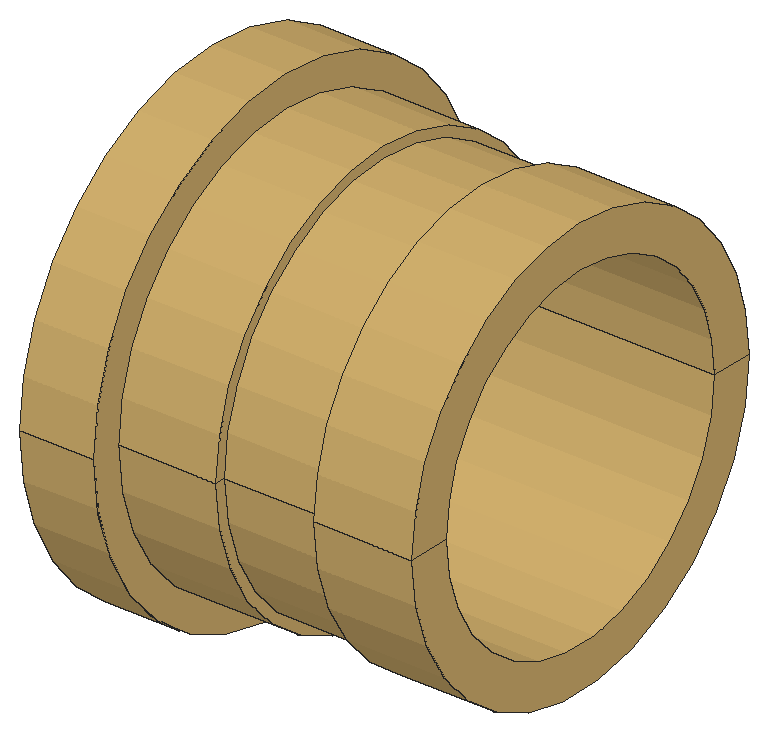
Revit family "PEX_Cap", category Pipe Fittings, Revit 2025
Family settings
  Round Connector Dimension = Use Radius
  Part Type = Cap
  OmniClass Number = 23.60.30.11.14
  OmniClass Title = Pipework Fittings
  Work Plane-Based = No
  Always vertical = Yes
  Cut with Voids When Loaded = No
  Shared = No
Parameters
  URL = "https://www.ultrapex.com.br/_files/ugd/9f3173_32d47a29bbff48b5af4781a5d529eee8.pdf"
  ULTRAPEX: Versão = "00"  # constant formula
  ULTRAPEX: Norma Técnica = "NBR 15939"  # constant formula
  ULTRAPEX: Descrição [instance] = if(Diâmetro Nominal = 16.0 mm, "Cap Terminal 16 mm - ULTRAPEX", if(Diâmetro Nominal = 20.0 mm, "Cap Terminal 20 mm - ULTRAPEX", if(Diâmetro Nominal = 25.0 mm, "Cap Terminal 25 mm - ULTRAPEX", "Produtor Inexistente")))  # "Cap Terminal 16 mm - ULTRAPEX"
  ULTRAPEX: Código [instance] = if(Diâmetro Nominal = 16.0 mm, 9211616, if(Diâmetro Nominal = 20.0 mm, 9212020, if(Diâmetro Nominal = 25.0 mm, 9212525, 0)))  # 9211616
  Type Image = Cap Terminal.jpg
  Raio Nominal [instance] = 8 mm
  Material = Latão - Ultrapex
  IfcExportAs = "IfcPipeFittingType.CONNECTOR"  # constant formula
  Manufacturer = "UltraPEX"  # constant formula
  Espessura = 3.5 mm
  Default Elevation = 0.0 mm
  Diâmetro Nominal [instance] = Raio Nominal * 2  # 16 mm
  Diâmetro Externo [instance] = if(Diâmetro Nominal = 16.0 mm, 22.9 mm, if(Diâmetro Nominal = 20.0 mm, 25.0 mm, if(Diâmetro Nominal = 25.0 mm, 29.0 mm, 22.9 mm)))  # 22.9 mm
  Description = "Cap Terminal - ULTRAPEX"
  Alerta [instance] = if(ULTRAPEX: Código = 0, 1 = 1, 1 = 0)  # no
Reference planes
  plane 1 "Centro (Frente/Trás)": y = 0
  plane 2: z = 0
  plane 3 "Centro (Esquerda/Direita)": x = 0
  plane 4: x = 3.5
Forms (mm)
  Extrusion 1, solid, material "Latão - Ultrapex" <- "Material", detail levels fine
    sketch origin (0, 0, 0) x (0, 1, 0) y (0, 0, 1)
      loop
        circle (0, 0) r 11.45
    from 0 to 3.5
Lines and regions (mm)
  model lines, detail levels coarse+medium
    curve 1: line (0, 0, 0) -> (3.5, 0, 0)
Dimensions and locks
  "Espessura": plane 3 "Centro (Esquerda/Direita)" to plane 4
  plane 3 "Centro (Esquerda/Direita)" to nested 1 = 17.5 mm
  "Diâmetro Externo": diameter of Extrusion 1 sketch curve
  aligned and locked: plane 2 to level
  aligned and locked: plane 4 to nested 1
  aligned and locked: plane 1 "Centro (Frente/Trás)" to nested 1
  aligned and locked: Extrusion 1 to plane 4
  aligned and locked: plane 4 to curve 1
  aligned and locked: plane 3 "Centro (Esquerda/Direita)" to curve 1
  aligned and locked: plane 1 "Centro (Frente/Trás)" to curve 1
Automatic sketch dimensions
  Extrusion 1 sketch curve to level = 0.0 mm
  Extrusion 1 sketch curve to plane 1 "Centro (Frente/Trás)" = 0.0 mm
Nested families
  nested 1: "Anel Deslizante - ULTRAPEX" at (3.5, 0, 0) x (0, -1, 0) z (0, 0, 1), Diâmetro Nominal <- "Diâmetro Nominal", type "Anel Deslizante - ULTRAPEX"
    with ULTRAPEX: Descrição "Anel Deslizante 16 mm - ULTRAPEX", ULTRAPEX: Código 9040016, Diâmetro Nominal 16 mm, DN 16.0 mm, Cota C 4.667 mm, Cota B 14.0 mm, Cota A 20.0 mm
Connectors
  piping at (3.5, 0, 0), diameter 16, driven by "Raio Nominal"
    settings: on Extrusion 1, index 1, connector inside diameter 609.6 mm, connector length 0.0 mm, flow factor 0, pipe flow 0.0 L/s, pressure drop 0.0 Pa, fitting loss kfactor 0, connector angle 0.00°, fixture units 0, engagement length 0.0 mm, angle of deflection 0.00°, flow configuration 0, flow direction 0, fitting loss method 0, system type 28, joint type 0, gender type 0, connector reference index -1, connector utility 0, adjustable connector no, is connector primary yes, connector description ""
Definition of nested family "Anel Deslizante - ULTRAPEX"
  Parameters (values of type "ANEL DESLIZANTE 16mm")
    URL = "https://www.ultrapex.com.br/_files/ugd/9f3173_32d47a29bbff48b5af4781a5d529eee8.pdf"
    ULTRAPEX: Versão = "00"  # constant formula
    ULTRAPEX: Norma Técnica = "NBR 15939"  # constant formula
    ULTRAPEX: Descrição [instance] = size_lookup(LookupTable, "DES", "Produto Inexistente", Diâmetro Nominal)  # "Anel Deslizante 16 mm - ULTRAPEX"
    ULTRAPEX: Código [instance] = size_lookup(LookupTable, "COD", 0, Diâmetro Nominal)  # 9040016
    Type Image = element 281508
    Material = none
    LookupTable = "Anel Deslizante - ULTRAPEX"  # constant formula
    IfcExportAs = "IfcPipeFittingType.CONNECTOR"  # constant formula
    Manufacturer = "UltraPEX"  # constant formula
    Default Elevation = 0.0 mm
    Diâmetro Nominal [instance] = 16 mm
    Description = "Anel Deslizante - ULTRAPEX"
    DN [instance] = size_lookup(LookupTable, "DN", 16.0 mm, Diâmetro Nominal)  # 16.0 mm
    Cota C [instance] = Cota B / 3  # 4.667 mm
    Cota B [instance] = size_lookup(LookupTable, "B", 14.0 mm, Diâmetro Nominal)  # 14.0 mm
    Cota A [instance] = size_lookup(LookupTable, "A", 20.0 mm, Diâmetro Nominal)  # 20.0 mm
  Reference planes
    plane 1 "Centro (Frente/Trás)": y = 0
    plane 2: z = 0
    plane 3 "Centro (Esquerda/Direita)": x = 0
    plane 4: x = 8
    plane 5: x = -8
    plane 6: x = -10
    plane 7: x = 10
    plane 8: y = 14
  Forms (mm)
    Revolve 1, solid, material <- "Material", detail levels fine
      sketch origin (0, 0, 0) x (1, 0, 0) y (0, 1, 0)
        loop
          line (10, 0) -> (10, 14) -> (8, 14) -> (8, 0) -> (10, 0)
        axis (0, 0) -> (0, 14)
      angle from 0 to 360
    Revolve 2, void
      sketch origin (0, 0, 0) x (1, 0, 0) y (0, 1, 0)
        loop
          line (-10.952, 9.333) -> (-10.952, 4.667) -> (-9.524, 4.667) -> (-9.524, 9.333) -> (-10.952, 9.333)
        axis (0, 4.667) -> (0, 9.333)
      angle from 0 to 360
  Cuts and joins
    Revolve 2 cuts Revolve 1
  Lines and regions (mm)
    model lines, detail levels coarse+medium
      curve 1: line (0, 0, 0) -> (0, 14, 0)
  Dimensions and locks
    "DN": plane 5 to plane 4
    "Cota A": plane 6 to plane 7
    equal spacing: plane 6, plane 3 "Centro (Esquerda/Direita)", plane 7
    equal spacing: plane 5, plane 3 "Centro (Esquerda/Direita)", plane 4
    "Cota B": plane 1 "Centro (Frente/Trás)" to plane 8
    "Cota C": Revolve 2 sketch curve to plane 8
    "Cota C": plane 1 "Centro (Frente/Trás)" to Revolve 2 sketch curve
    locked: plane 6 to Revolve 2 sketch curve at 0.476
    locked: Revolve 2 sketch curve to Revolve 2 sketch curve at 1.428
    aligned and locked: level to plane 2
    aligned and locked: plane 3 "Centro (Esquerda/Direita)" to Revolve 1 sketch curve
    aligned and locked: Revolve 1 sketch curve to plane 7
    aligned and locked: plane 4 to Revolve 1 sketch curve
    aligned and locked: plane 1 "Centro (Frente/Trás)" to Revolve 1 sketch curve
    aligned and locked: plane 8 to Revolve 1 sketch curve
    aligned and locked: plane 8 to curve 1
    aligned and locked: plane 1 "Centro (Frente/Trás)" to curve 1
  Automatic sketch dimensions
    plane 1 "Centro (Frente/Trás)" to Revolve 1 sketch curve = 0.0 mm
    Revolve 1 sketch curve to Revolve 1 sketch curve = 0.0 mm
    curve 1 to plane 3 "Centro (Esquerda/Direita)" = 0.0 mm
    Revolve 2 sketch curve to plane 3 "Centro (Esquerda/Direita)" = 0.0 mm
    plane 1 "Centro (Frente/Trás)" to Revolve 2 sketch curve = 0.0 mm
    plane 8 to Revolve 2 sketch curve = 2.253 mm
